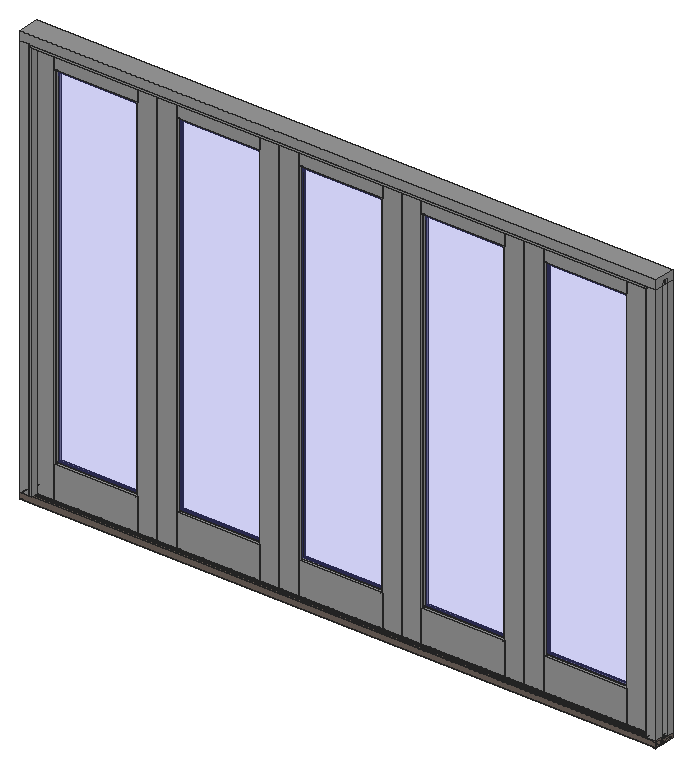
Revit family "VSFA 3180 G1 RH", category Doors, host Wall, Revit 2015
Parameters (values of type "VSFA 3180 G1 RH")
  Function = Interior
  Frame Projection Ext. = 25 mm
  Frame Projection Int. = 25 mm
  Frame Width = 75 mm
  Height = 2100 mm
  Wall Closure = By host
  Width = 3180 mm
Reference planes
  plane 1: y = 0
  plane 2 "Center (Left/Right)": x = 0
  plane 3 "Left": x = -1590
  plane 4 "Right": x = 1590
  plane 5: z = 2100
  plane 6 "Exterior": y = 75
  plane 7 "Interior": y = -75
  plane 8: x = -1545
  plane 9: x = 1515
  plane 10: x = 1513
  plane 11: x = 903
  plane 12: x = 901
  plane 13: x = 291
  plane 14: x = 289
  plane 15: x = -321
  plane 16: x = -323
  plane 17: x = -933
  plane 18: x = -935
Forms (mm)
  Extrusion 1, solid, material "Aluminium Cill (Bronze)"
    sketch origin (0, 79.18, -119.746) x (0, 1, 0) y (0, 0, -1)
      loop
        arc (-26.68, -120.746) -> (-26.972, -120.039) -> (-27.68, -119.746) r 1
        line (-27.68, -119.746) -> (-130.68, -119.746)
        arc (-130.68, -119.746) -> (-131.387, -120.039) -> (-131.68, -120.746) r 1
        line (-131.68, -120.746) -> (-131.68, -150.746)
        arc (-131.68, -150.746) -> (-131.387, -151.453) -> (-130.68, -151.746) r 1
        line (-130.68, -151.746) -> (-120.912, -151.746)
        arc (-120.912, -151.746) -> (-119.18, -150.746) -> (-117.447, -151.746) r 2
        line (-117.447, -151.746) -> (-112.912, -151.746)
        arc (-112.912, -151.746) -> (-111.18, -150.746) -> (-109.447, -151.746) r 2
        line (-109.447, -151.746) -> (-99.68, -151.746)
        arc (-99.68, -151.746) -> (-98.972, -151.453) -> (-98.68, -150.746) r 1
        line (-98.68, -150.746) -> (-98.68, -149.246)
        arc (-98.68, -149.246) -> (-99.18, -148.746) -> (-99.68, -149.246) r 0.5
        line (-99.68, -149.246) -> (-99.68, -150.246) -> (-100.88, -150.246) -> (-100.88, -142.734) -> (-99.68, -142.734) -> (-99.68, -143.746)
        arc (-99.68, -143.746) -> (-99.18, -144.246) -> (-98.68, -143.746) r 0.5
        line (-98.68, -143.746) -> (-98.68, -138.746) -> (-90.432, -138.746) -> (-82.18, -138.746) -> (-82.18, -135.246)
        arc (-82.18, -135.246) -> (-81.74, -134.185) -> (-80.68, -133.746) r 1.5
        line (-80.68, -133.746) -> (-75.93, -133.746) -> (-75.93, -135.746) -> (-77.363, -135.746)
        arc (-77.363, -135.746) -> (-74.68, -138.746) -> (-71.996, -135.746) r 2.7
        line (-71.996, -135.746) -> (-73.43, -135.746) -> (-73.43, -133.746) -> (-68.68, -133.746)
        arc (-68.68, -133.746) -> (-67.619, -134.185) -> (-67.18, -135.246) r 1.5
        line (-67.18, -135.246) -> (-67.18, -138.746) -> (-60.412, -138.746)
        arc (-60.412, -138.746) -> (-58.68, -137.746) -> (-56.947, -138.746) r 2
        line (-56.947, -138.746) -> (-52.412, -138.746)
        arc (-52.412, -138.746) -> (-50.68, -137.746) -> (-48.947, -138.746) r 2
        line (-48.947, -138.746) -> (-44.412, -138.746)
        arc (-44.412, -138.746) -> (-42.68, -137.746) -> (-40.947, -138.746) r 2
        line (-40.947, -138.746) -> (-29.68, -138.746)
        arc (-29.68, -138.746) -> (-27.558, -137.867) -> (-26.68, -135.746) r 3
        line (-26.68, -135.746) -> (-26.68, -120.746)
      loop
        arc (-29.68, -137.246) -> (-28.619, -136.807) -> (-28.18, -135.746) r 1.5
        line (-28.18, -135.746) -> (-28.18, -121.246) -> (-73.93, -121.246) -> (-73.93, -132.246) -> (-68.68, -132.246)
        arc (-68.68, -132.246) -> (-66.558, -133.125) -> (-65.68, -135.246) r 3
        line (-65.68, -135.246) -> (-65.68, -137.246) -> (-61.129, -137.246)
        arc (-61.129, -137.246) -> (-58.68, -136.246) -> (-56.23, -137.246) r 3.5
        line (-56.23, -137.246) -> (-53.129, -137.246)
        arc (-53.129, -137.246) -> (-50.68, -136.246) -> (-48.23, -137.246) r 3.5
        line (-48.23, -137.246) -> (-45.129, -137.246)
        arc (-45.129, -137.246) -> (-42.68, -136.246) -> (-40.23, -137.246) r 3.5
        line (-40.23, -137.246) -> (-29.68, -137.246)
      loop
        line (-75.43, -132.246) -> (-75.43, -121.246) -> (-98.68, -121.246) -> (-98.68, -137.246) -> (-83.68, -137.246) -> (-83.68, -135.246)
        arc (-83.68, -135.246) -> (-82.801, -133.125) -> (-80.68, -132.246) r 3
        line (-80.68, -132.246) -> (-75.43, -132.246)
      loop
        line (-100.18, -121.246) -> (-130.18, -121.246) -> (-130.18, -150.246) -> (-121.629, -150.246)
        arc (-121.629, -150.246) -> (-119.18, -149.246) -> (-116.73, -150.246) r 3.5
        line (-116.73, -150.246) -> (-113.629, -150.246)
        arc (-113.629, -150.246) -> (-111.18, -149.246) -> (-108.73, -150.246) r 3.5
        line (-108.73, -150.246) -> (-102.38, -150.246) -> (-102.38, -141.246) -> (-100.18, -141.246) -> (-100.18, -121.246)
    from -1590 to 1590
  Extrusion 2, solid, material "Lauan, Meranti"
    sketch origin (-122.148, 0, 0) x (0, 1, 0) y (0, 0, 1)
      loop
        line (52.5, 2100) -> (-52.5, 2100) -> (-52.5, 2055) -> (-6.5, 2055) -> (-6.5, 2075) -> (15.5, 2075) -> (15.5, 2055) -> (52.5, 2055) -> (52.5, 2100)
    from -1467.852 to 1712.148
  Extrusion 3, solid, material "Lauan, Meranti"
    sketch origin (2.986, 0, 0) x (0, 1, 0) y (0, 0, 1)
      loop
        line (-52.5, 2052) -> (-52.5, 2042) -> (-20.5, 2042) -> (-20.5, 2045.5) -> (-27.5, 2045.5) -> (-27.5, 2048.5) -> (-20.5, 2048.5) -> (-20.5, 2055) -> (-49.5, 2055) -> (-49.5, 2052) -> (-52.5, 2052)
    from -1547.986 to 1542.014
  Extrusion 4, solid, material "Lauan, Meranti"
    sketch origin (615, 0, 0) x (1, 0, 0) y (0, 1, 0)
      loop
        line (975, -52.5) -> (975, -16.5) -> (930, -16.5) -> (930, -52.5) -> (975, -52.5)
      loop
        line (975, 52.5) -> (930, 52.5) -> (930, 25.5) -> (975, 25.5) -> (975, 52.5)
      loop
        line (900, 24.5) -> (900, -15.5) -> (945, -15.5) -> (945, -5.5) -> (920, -5.5) -> (920, 14.5) -> (945, 14.5) -> (945, 24.5) -> (900, 24.5)
    from 32 to 2055
  Extrusion 5, solid, material "Lauan, Meranti"
    sketch origin (-615, 0, 0) x (1, 0, 0) y (0, 1, 0)
      loop
        line (-975, 52.5) -> (-975, -52.5) -> (-930, -52.5) -> (-930, 24.5) -> (-942, 24.5) -> (-942, 52.5) -> (-975, 52.5)
    from 32 to 2055
  Extrusion 6, solid, material "Lauan, Meranti"
    sketch origin (-615, 0, 0) x (1, 0, 0) y (0, 1, 0)
      loop
        line (-927, -52.5) -> (-917, -52.5) -> (-917, -20.5) -> (-920.5, -20.5) -> (-920.5, -27.5) -> (-923.5, -27.5) -> (-923.5, -20.5) -> (-930, -20.5) -> (-930, -49.5) -> (-927, -49.5) -> (-927, -52.5)
    from 32 to 2042
  Extrusion 7, solid, material "Steel, Chrome Plated"
    sketch origin (129.456, -1.5, 0) x (0, 1, 0) y (0, 0, -1)
      loop
        line (16.5, -2075) -> (16.5, -2055) -> (14.3, -2055) -> (14.3, -2072.8) -> (-2.3, -2072.8) -> (-2.3, -2055) -> (-4.5, -2055) -> (-4.5, -2075) -> (16.5, -2075)
    from -1460.544 to 1719.456
  Extrusion 8, solid, material "Lauan, Meranti"
    sketch origin (-615, 0, 0) x (1, 0, 0) y (0, 1, 0)
      loop
        line (-975, 52.5) -> (-975, -19.5) -> (-930, -19.5) -> (-930, 24.5) -> (-942, 24.5) -> (-942, 52.5) -> (-975, 52.5)
    from 19 to 32
  Extrusion 9, solid, material "Lauan, Meranti"
    sketch origin (615, 0, 0) x (1, 0, 0) y (0, 1, 0)
      loop
        line (930, 52.5) -> (930, 25.5) -> (975, 25.5) -> (975, 52.5) -> (930, 52.5)
      loop
        line (945, 24.5) -> (900, 24.5) -> (900, -15.5) -> (945, -15.5) -> (945, -5.5) -> (920, -5.5) -> (920, 14.5) -> (945, 14.5) -> (945, 24.5)
    from 19 to 32
  Extrusion 10, solid, material "Lauan, Meranti"
    sketch origin (1833, 0, 0) x (1, 0, 0) y (0, 1, 0)
      loop
        line (-930, -15.5) -> (-834, -15.5) -> (-834, -13.5)
        arc (-834, -13.5) -> (-829.265, -11.94) -> (-827, -7.5) r 6.549
        line (-827, -7.5) -> (-825, -7.5) -> (-825, -5.5) -> (-834, -5.5) -> (-834, 24.5) -> (-930, 24.5) -> (-930, -15.5)
      loop
        line (-320, -15.5) -> (-320, 24.5) -> (-416, 24.5) -> (-416, -5.5) -> (-425, -5.5) -> (-425, -7.5) -> (-423, -7.5)
        arc (-423, -7.5) -> (-420.735, -11.94) -> (-416, -13.5) r 6.549
        line (-416, -13.5) -> (-416, -15.5) -> (-320, -15.5)
    from 19 to 2055
  Extrusion 11, solid, material "Lauan, Meranti"
    sketch origin (1168.235, 0, 0) x (0, 1, 0) y (0, 0, 1)
      loop
        line (-15.5, 190) -> (-15.5, 19) -> (24.5, 19) -> (24.5, 190) -> (-5.5, 190) -> (-5.5, 199) -> (-7.5, 199) -> (-7.5, 197)
        arc (-7.5, 197) -> (-11.866, 194.67) -> (-13.5, 190) r 6.807
        line (-13.5, 190) -> (-15.5, 190)
      loop
        line (-7.5, 1952) -> (-7.5, 1950) -> (-5.5, 1950) -> (-5.5, 1959) -> (24.5, 1959) -> (24.5, 2055) -> (-15.5, 2055) -> (-15.5, 1959) -> (-13.5, 1959)
        arc (-13.5, 1959) -> (-11.866, 1954.33) -> (-7.5, 1952) r 6.807
    from -169.235 to 248.765
  Sweep 12, solid, material "Lauan, Meranti"
    path origin (875.876, -75, -1252.272) x (1, 0, 0) y (0, 0, 1)
      loop
        line (123.124, 3211.272) -> (123.124, 1442.272) -> (541.124, 1442.272) -> (541.124, 3211.272) -> (123.124, 3211.272)
    profile origin (1208, -75, 1959) x (0, 0, 1) y (0, -1, 0)
      loop
        line (-9, -78) -> (-9, -80) -> (-7, -80)
        arc (-7, -80) -> (-4.67, -84.366) -> (0, -86) r 6.807
        line (0, -86) -> (0, -78) -> (-9, -78)
  Extrusion 13, solid, material "Glass"
    sketch origin (1144.808, -110.55, -763.769) x (1, 0, 0) y (0, 0, 1)
      loop
        line (-145.808, 2722.769) -> (-145.808, 953.769) -> (272.192, 953.769) -> (272.192, 2722.769) -> (-145.808, 2722.769)
    from -112.5 to -106.1
  Extrusion 14, solid, material "Lauan, Meranti"
    sketch origin (1221, 0, 0) x (1, 0, 0) y (0, 1, 0)
      loop
        line (-930, -15.5) -> (-834, -15.5) -> (-834, -13.5)
        arc (-834, -13.5) -> (-829.265, -11.94) -> (-827, -7.5) r 6.549
        line (-827, -7.5) -> (-825, -7.5) -> (-825, -5.5) -> (-834, -5.5) -> (-834, 24.5) -> (-930, 24.5) -> (-930, -15.5)
      loop
        line (-320, -15.5) -> (-320, 24.5) -> (-416, 24.5) -> (-416, -5.5) -> (-425, -5.5) -> (-425, -7.5) -> (-423, -7.5)
        arc (-423, -7.5) -> (-420.735, -11.94) -> (-416, -13.5) r 6.549
        line (-416, -13.5) -> (-416, -15.5) -> (-320, -15.5)
    from 19 to 2055
  Extrusion 15, solid, material "Lauan, Meranti"
    sketch origin (556.235, 0, 0) x (0, 1, 0) y (0, 0, 1)
      loop
        line (-15.5, 190) -> (-15.5, 19) -> (24.5, 19) -> (24.5, 190) -> (-5.5, 190) -> (-5.5, 199) -> (-7.5, 199) -> (-7.5, 197)
        arc (-7.5, 197) -> (-11.866, 194.67) -> (-13.5, 190) r 6.807
        line (-13.5, 190) -> (-15.5, 190)
      loop
        line (-7.5, 1952) -> (-7.5, 1950) -> (-5.5, 1950) -> (-5.5, 1959) -> (24.5, 1959) -> (24.5, 2055) -> (-15.5, 2055) -> (-15.5, 1959) -> (-13.5, 1959)
        arc (-13.5, 1959) -> (-11.866, 1954.33) -> (-7.5, 1952) r 6.807
    from -169.235 to 248.765
  Sweep 16, solid, material "Lauan, Meranti"
    path origin (263.876, -75, -1252.272) x (1, 0, 0) y (0, 0, 1)
      loop
        line (123.124, 3211.272) -> (123.124, 1442.272) -> (541.124, 1442.272) -> (541.124, 3211.272) -> (123.124, 3211.272)
    profile origin (596, -75, 1959) x (0, 0, 1) y (0, -1, 0)
      loop
        line (-9, -78) -> (-9, -80) -> (-7, -80)
        arc (-7, -80) -> (-4.67, -84.366) -> (0, -86) r 6.807
        line (0, -86) -> (0, -78) -> (-9, -78)
  Extrusion 17, solid, material "Glass"
    sketch origin (532.808, -110.55, -763.769) x (1, 0, 0) y (0, 0, 1)
      loop
        line (-145.808, 2722.769) -> (-145.808, 953.769) -> (272.192, 953.769) -> (272.192, 2722.769) -> (-145.808, 2722.769)
    from -112.5 to -106.1
  Extrusion 18, solid, material "Lauan, Meranti"
    sketch origin (609, 0, 0) x (1, 0, 0) y (0, 1, 0)
      loop
        line (-930, -15.5) -> (-834, -15.5) -> (-834, -13.5)
        arc (-834, -13.5) -> (-829.265, -11.94) -> (-827, -7.5) r 6.549
        line (-827, -7.5) -> (-825, -7.5) -> (-825, -5.5) -> (-834, -5.5) -> (-834, 24.5) -> (-930, 24.5) -> (-930, -15.5)
      loop
        line (-320, -15.5) -> (-320, 24.5) -> (-416, 24.5) -> (-416, -5.5) -> (-425, -5.5) -> (-425, -7.5) -> (-423, -7.5)
        arc (-423, -7.5) -> (-420.735, -11.94) -> (-416, -13.5) r 6.549
        line (-416, -13.5) -> (-416, -15.5) -> (-320, -15.5)
    from 19 to 2055
  Extrusion 19, solid, material "Lauan, Meranti"
    sketch origin (-55.765, 0, 0) x (0, 1, 0) y (0, 0, 1)
      loop
        line (-15.5, 190) -> (-15.5, 19) -> (24.5, 19) -> (24.5, 190) -> (-5.5, 190) -> (-5.5, 199) -> (-7.5, 199) -> (-7.5, 197)
        arc (-7.5, 197) -> (-11.866, 194.67) -> (-13.5, 190) r 6.807
        line (-13.5, 190) -> (-15.5, 190)
      loop
        line (-7.5, 1952) -> (-7.5, 1950) -> (-5.5, 1950) -> (-5.5, 1959) -> (24.5, 1959) -> (24.5, 2055) -> (-15.5, 2055) -> (-15.5, 1959) -> (-13.5, 1959)
        arc (-13.5, 1959) -> (-11.866, 1954.33) -> (-7.5, 1952) r 6.807
    from -169.235 to 248.765
  Sweep 20, solid, material "Lauan, Meranti"
    path origin (-348.124, -75, -1252.272) x (1, 0, 0) y (0, 0, 1)
      loop
        line (123.124, 3211.272) -> (123.124, 1442.272) -> (541.124, 1442.272) -> (541.124, 3211.272) -> (123.124, 3211.272)
    profile origin (-16, -75, 1959) x (0, 0, 1) y (0, -1, 0)
      loop
        line (-9, -78) -> (-9, -80) -> (-7, -80)
        arc (-7, -80) -> (-4.67, -84.366) -> (0, -86) r 6.807
        line (0, -86) -> (0, -78) -> (-9, -78)
  Extrusion 21, solid, material "Glass"
    sketch origin (-79.192, -110.55, -763.769) x (1, 0, 0) y (0, 0, 1)
      loop
        line (-145.808, 2722.769) -> (-145.808, 953.769) -> (272.192, 953.769) -> (272.192, 2722.769) -> (-145.808, 2722.769)
    from -112.5 to -106.1
  Extrusion 22, solid, material "Lauan, Meranti"
    sketch origin (-3, 0, 0) x (1, 0, 0) y (0, 1, 0)
      loop
        line (-930, -15.5) -> (-834, -15.5) -> (-834, -13.5)
        arc (-834, -13.5) -> (-829.265, -11.94) -> (-827, -7.5) r 6.549
        line (-827, -7.5) -> (-825, -7.5) -> (-825, -5.5) -> (-834, -5.5) -> (-834, 24.5) -> (-930, 24.5) -> (-930, -15.5)
      loop
        line (-320, -15.5) -> (-320, 24.5) -> (-416, 24.5) -> (-416, -5.5) -> (-425, -5.5) -> (-425, -7.5) -> (-423, -7.5)
        arc (-423, -7.5) -> (-420.735, -11.94) -> (-416, -13.5) r 6.549
        line (-416, -13.5) -> (-416, -15.5) -> (-320, -15.5)
    from 19 to 2055
  Extrusion 23, solid, material "Lauan, Meranti"
    sketch origin (-667.765, 0, 0) x (0, 1, 0) y (0, 0, 1)
      loop
        line (-15.5, 190) -> (-15.5, 19) -> (24.5, 19) -> (24.5, 190) -> (-5.5, 190) -> (-5.5, 199) -> (-7.5, 199) -> (-7.5, 197)
        arc (-7.5, 197) -> (-11.866, 194.67) -> (-13.5, 190) r 6.807
        line (-13.5, 190) -> (-15.5, 190)
      loop
        line (-7.5, 1952) -> (-7.5, 1950) -> (-5.5, 1950) -> (-5.5, 1959) -> (24.5, 1959) -> (24.5, 2055) -> (-15.5, 2055) -> (-15.5, 1959) -> (-13.5, 1959)
        arc (-13.5, 1959) -> (-11.866, 1954.33) -> (-7.5, 1952) r 6.807
    from -169.235 to 248.765
  Sweep 24, solid, material "Lauan, Meranti"
    path origin (-960.124, -75, -1252.272) x (1, 0, 0) y (0, 0, 1)
      loop
        line (123.124, 3211.272) -> (123.124, 1442.272) -> (541.124, 1442.272) -> (541.124, 3211.272) -> (123.124, 3211.272)
    profile origin (-628, -75, 1959) x (0, 0, 1) y (0, -1, 0)
      loop
        line (-9, -78) -> (-9, -80) -> (-7, -80)
        arc (-7, -80) -> (-4.67, -84.366) -> (0, -86) r 6.807
        line (0, -86) -> (0, -78) -> (-9, -78)
  Extrusion 25, solid, material "Glass"
    sketch origin (-691.192, -110.55, -763.769) x (1, 0, 0) y (0, 0, 1)
      loop
        line (-145.808, 2722.769) -> (-145.808, 953.769) -> (272.192, 953.769) -> (272.192, 2722.769) -> (-145.808, 2722.769)
    from -112.5 to -106.1
  Extrusion 26, solid, material "Lauan, Meranti"
    sketch origin (-615, 0, 0) x (1, 0, 0) y (0, 1, 0)
      loop
        line (-930, -15.5) -> (-834, -15.5) -> (-834, -13.5)
        arc (-834, -13.5) -> (-829.265, -11.94) -> (-827, -7.5) r 6.549
        line (-827, -7.5) -> (-825, -7.5) -> (-825, -5.5) -> (-834, -5.5) -> (-834, 24.5) -> (-930, 24.5) -> (-930, -15.5)
      loop
        line (-320, -15.5) -> (-320, 24.5) -> (-416, 24.5) -> (-416, -5.5) -> (-425, -5.5) -> (-425, -7.5) -> (-423, -7.5)
        arc (-423, -7.5) -> (-420.735, -11.94) -> (-416, -13.5) r 6.549
        line (-416, -13.5) -> (-416, -15.5) -> (-320, -15.5)
    from 19 to 2055
  Extrusion 27, solid, material "Lauan, Meranti"
    sketch origin (-1279.765, 0, 0) x (0, 1, 0) y (0, 0, 1)
      loop
        line (-15.5, 190) -> (-15.5, 19) -> (24.5, 19) -> (24.5, 190) -> (-5.5, 190) -> (-5.5, 199) -> (-7.5, 199) -> (-7.5, 197)
        arc (-7.5, 197) -> (-11.866, 194.67) -> (-13.5, 190) r 6.807
        line (-13.5, 190) -> (-15.5, 190)
      loop
        line (-7.5, 1952) -> (-7.5, 1950) -> (-5.5, 1950) -> (-5.5, 1959) -> (24.5, 1959) -> (24.5, 2055) -> (-15.5, 2055) -> (-15.5, 1959) -> (-13.5, 1959)
        arc (-13.5, 1959) -> (-11.866, 1954.33) -> (-7.5, 1952) r 6.807
    from -169.235 to 248.765
  Sweep 28, solid, material "Lauan, Meranti"
    path origin (-1572.124, -75, -1252.272) x (1, 0, 0) y (0, 0, 1)
      loop
        line (123.124, 3211.272) -> (123.124, 1442.272) -> (541.124, 1442.272) -> (541.124, 3211.272) -> (123.124, 3211.272)
    profile origin (-1240, -75, 1959) x (0, 0, 1) y (0, -1, 0)
      loop
        line (-9, -78) -> (-9, -80) -> (-7, -80)
        arc (-7, -80) -> (-4.67, -84.366) -> (0, -86) r 6.807
        line (0, -86) -> (0, -78) -> (-9, -78)
  Extrusion 29, solid, material "Glass"
    sketch origin (-1303.192, -110.55, -763.769) x (1, 0, 0) y (0, 0, 1)
      loop
        line (-145.808, 2722.769) -> (-145.808, 953.769) -> (272.192, 953.769) -> (272.192, 2722.769) -> (-145.808, 2722.769)
    from -112.5 to -106.1
Cuts and joins
  joined: Extrusion 4, Extrusion 9
  joined: Extrusion 5, Extrusion 8
Lines and regions (mm)
  Opening 1
    outline origin (-5000, 75, 0) x (-1, 0, 0) y (0, 0, 1)
      loop
        line (-6590, 0) -> (-3410, 0) -> (-3410, 2100) -> (-6590, 2100) -> (-6590, 0)
  model lines
    curve 1: line (1515, 24.5, 0) -> (1210, 552.775, 0)
    curve 2: line (1210, 552.775, 0) -> (1175.359, 532.775, 0)
    curve 3: line (1175.359, 532.775, 0) -> (1480.359, 4.5, 0)
    curve 4: line (835.718, 24.5, 0) -> (1140.718, 552.775, 0)
    curve 5: line (1140.718, 552.775, 0) -> (1175.359, 532.775, 0)
    curve 6: line (1175.359, 532.775, 0) -> (870.359, 4.5, 0)
    curve 7: line (835.718, 24.5, 0) -> (568.312, 572.764, 0)
    curve 8: line (568.312, 572.764, 0) -> (532.36, 555.23, 0)
    curve 9: line (532.36, 555.23, 0) -> (799.766, 6.965, 0)
    curve 10: line (229.002, 24.5, 0) -> (-75.998, 552.775, 0)
    curve 11: line (-75.998, 552.775, 0) -> (-110.639, 532.775, 0)
    curve 12: line (-110.639, 532.775, 0) -> (194.361, 4.5, 0)
    curve 13: line (229.002, 24.5, 0) -> (496.408, 572.764, 0)
    curve 14: line (496.408, 572.764, 0) -> (532.36, 555.23, 0)
    curve 15: line (532.36, 555.23, 0) -> (264.953, 6.965, 0)
    curve 16: line (1063.802, 99.5, 1050) -> (1238.802, 99.5, 1050)
    curve 17: line (1377.879, 99.5, 1050) -> (1238.802, 99.5, 1106.191)
    curve 18: line (1238.802, 99.5, 1106.191) -> (1238.802, 99.5, 993.809)
    curve 19: line (1377.879, 99.5, 1050) -> (1238.802, 99.5, 993.809)
    curve 20: line (451.802, 99.5, 1050) -> (626.802, 99.5, 1050)
    curve 21: line (765.879, 99.5, 1050) -> (626.802, 99.5, 1106.191)
    curve 22: line (626.802, 99.5, 1106.191) -> (626.802, 99.5, 993.809)
    curve 23: line (765.879, 99.5, 1050) -> (626.802, 99.5, 993.809)
    curve 24: line (-160.198, 99.5, 1050) -> (14.802, 99.5, 1050)
    curve 25: line (153.879, 99.5, 1050) -> (14.802, 99.5, 1106.191)
    curve 26: line (14.802, 99.5, 1106.191) -> (14.802, 99.5, 993.809)
    curve 27: line (153.879, 99.5, 1050) -> (14.802, 99.5, 993.809)
    curve 28: line (-772.198, 99.5, 1050) -> (-597.198, 99.5, 1050)
    curve 29: line (-458.121, 99.5, 1050) -> (-597.198, 99.5, 1106.191)
    curve 30: line (-597.198, 99.5, 1106.191) -> (-597.198, 99.5, 993.809)
    curve 31: line (-458.121, 99.5, 1050) -> (-597.198, 99.5, 993.809)
    curve 32: line (-1384.198, 99.5, 1050) -> (-1209.198, 99.5, 1050)
    curve 33: line (-1070.121, 99.5, 1050) -> (-1209.198, 99.5, 1106.191)
    curve 34: line (-1209.198, 99.5, 1106.191) -> (-1209.198, 99.5, 993.809)
    curve 35: line (-1070.121, 99.5, 1050) -> (-1209.198, 99.5, 993.809)
Text (mm)
  text "Exterior" at (-2295.016, 1099.543, 0), in view "Ref. Level"
  text "Exterior" at (0, 1615.38, 3698.081), in view "Left"
  text "Exterior" at (0, 1036.032, 3874.932), in view "Right"
Dimensions and locks
  equal spacing: plane 3 "Left", plane 2 "Center (Left/Right)", plane 4 "Right"
  "Width": plane 3 "Left" to plane 4 "Right"
  "Height": plane 5 to host wall
  host wall to plane 5 = 2100 mm  (x2)
  locked: plane 6 "Exterior" to host wall at 0
  locked: plane 7 "Interior" to host wall
  plane 3 "Left" to plane 4 "Right" = 3180 mm
  aligned and locked: plane 1 to host wall
  aligned and locked: Opening 1 sketch curve to level
  aligned and locked: Extrusion 11 to Extrusion 10  (x2)
  aligned and locked: Extrusion 13 to Extrusion 11  (x2)
  aligned and locked: Extrusion 13 to Extrusion 10  (x2)
  aligned and locked: Sweep 12 sketch curve to Extrusion 11  (x2)
  aligned and locked: Extrusion 10 to Sweep 12 sketch curve  (x2)
  aligned and locked: Extrusion 15 to Extrusion 14  (x2)
  aligned and locked: Extrusion 17 to Extrusion 15  (x2)
  aligned and locked: Extrusion 17 to Extrusion 14  (x2)
  aligned and locked: Sweep 16 sketch curve to Extrusion 15  (x2)
  aligned and locked: Extrusion 14 to Sweep 16 sketch curve  (x2)
  aligned and locked: Extrusion 19 to Extrusion 18  (x2)
  aligned and locked: Extrusion 21 to Extrusion 19  (x2)
  aligned and locked: Extrusion 21 to Extrusion 18  (x2)
  aligned and locked: Sweep 20 sketch curve to Extrusion 19  (x2)
  aligned and locked: Extrusion 18 to Sweep 20 sketch curve  (x2)
  aligned and locked: Extrusion 23 to Extrusion 22  (x2)
  aligned and locked: Extrusion 25 to Extrusion 23  (x2)
  aligned and locked: Extrusion 25 to Extrusion 22  (x2)
  aligned and locked: Sweep 24 sketch curve to Extrusion 23  (x2)
  aligned and locked: Extrusion 22 to Sweep 24 sketch curve  (x2)
  aligned and locked: Extrusion 27 to Extrusion 26  (x2)
  aligned and locked: Extrusion 29 to Extrusion 27  (x2)
  aligned and locked: Extrusion 29 to Extrusion 26  (x2)
  aligned and locked: Sweep 28 sketch curve to Extrusion 27  (x2)
  aligned and locked: Extrusion 26 to Sweep 28 sketch curve  (x2)
Automatic sketch dimensions
  plane 18 to curve 34 = 274.198 mm
  plane 18 to curve 33 = 135.121 mm
  plane 16 to curve 31 = 274.198 mm
  plane 16 to curve 31 = 135.121 mm
  plane 2 "Center (Left/Right)" to curve 26 = 14.802 mm
  plane 14 to curve 25 = 135.121 mm
  plane 12 to curve 23 = 274.198 mm
  plane 12 to curve 21 = 135.121 mm
  plane 10 to curve 18 = 274.198 mm
  plane 10 to curve 17 = 135.121 mm
  level to curve 30 = 993.809 mm
  level to curve 18 = 993.809 mm
  curve 34 to curve 30 = 0 mm
  curve 22 to curve 18 = 0 mm
  curve 27 to curve 30 = 0 mm
  curve 34 to curve 33 = 56.191 mm
  curve 18 to curve 17 = 56.191 mm
  curve 30 to curve 31 = 56.191 mm
  curve 22 to curve 21 = 56.191 mm
  curve 26 to curve 25 = 56.191 mm
  curve 26 to curve 25 = 112.382 mm
  curve 22 to curve 22 = 112.382 mm
  curve 30 to curve 29 = 112.382 mm
  curve 18 to curve 18 = 112.382 mm
  curve 34 to curve 33 = 112.382 mm
  curve 32 to plane 8 = 160.802 mm
  curve 28 to plane 17 = 160.802 mm
  curve 24 to plane 2 "Center (Left/Right)" = 160.198 mm
  curve 20 to plane 13 = 160.802 mm
  curve 16 to plane 11 = 160.802 mm
  curve 34 to curve 32 = 56.191 mm
  curve 16 to curve 17 = 56.191 mm
  curve 20 to curve 21 = 56.191 mm
  curve 28 to curve 29 = 56.191 mm
  curve 24 to curve 25 = 56.191 mm
  plane 4 "Right" to Opening 1 sketch curve = 0 mm
  plane 3 "Left" to Opening 1 sketch curve = 0 mm
  Opening 1 sketch curve to plane 5 = 0 mm
  Extrusion 1 sketch curve to level = 0 mm
  level to Extrusion 1 sketch curve = 1 mm
  Extrusion 1 sketch curve to host wall = 22.5 mm
  Extrusion 1 sketch curve to Extrusion 1 sketch curve = 1 mm  (x7)
  Extrusion 1 sketch curve to Extrusion 1 sketch curve = 0.5 mm  (x8)
  Extrusion 1 sketch curve to Extrusion 1 sketch curve = 8.551 mm
  Extrusion 1 sketch curve to Extrusion 1 sketch curve = 0.717 mm  (x10)
  Extrusion 1 sketch curve to Extrusion 1 sketch curve = 1.732 mm  (x10)
  Extrusion 1 sketch curve to Extrusion 1 sketch curve = 0 mm  (x24)
  Extrusion 1 sketch curve to Extrusion 1 sketch curve = 3.101 mm  (x3)
  Extrusion 1 sketch curve to Extrusion 1 sketch curve = 6.351 mm
  Extrusion 1 sketch curve to Extrusion 1 sketch curve = 1.5 mm  (x15)
  Extrusion 1 sketch curve to Extrusion 1 sketch curve = 0.7 mm
  level to Extrusion 1 sketch curve = 1.5 mm  (x3)
  Extrusion 1 sketch curve to Extrusion 1 sketch curve = 1.2 mm  (x2)
  Extrusion 1 sketch curve to Extrusion 1 sketch curve = 8.248 mm
  host wall to Extrusion 1 sketch curve = 4.5 mm
  host wall to Extrusion 1 sketch curve = 1.5 mm  (x2)
  Extrusion 1 sketch curve to host wall = 1.817 mm
  Extrusion 1 sketch curve to Extrusion 1 sketch curve = 1.433 mm  (x3)
  Extrusion 1 sketch curve to host wall = 3.75 mm
  Extrusion 1 sketch curve to Extrusion 1 sketch curve = 1.25 mm  (x2)
  Extrusion 1 sketch curve to Extrusion 1 sketch curve = 3.317 mm
  Extrusion 1 sketch curve to Extrusion 1 sketch curve = 4.551 mm
  Extrusion 1 sketch curve to Extrusion 1 sketch curve = 10.551 mm
  Extrusion 1 sketch curve to Extrusion 1 sketch curve = 11 mm
  Extrusion 1 sketch curve to Extrusion 1 sketch curve = 14.5 mm
  Extrusion 1 sketch curve to Extrusion 1 sketch curve = 2 mm  (x5)
  Extrusion 1 sketch curve to Extrusion 1 sketch curve = 0.3 mm
  Extrusion 1 sketch curve to Extrusion 1 sketch curve = 2.5 mm
  Extrusion 1 sketch curve to Extrusion 1 sketch curve = 1.488 mm
  Extrusion 1 sketch curve to Extrusion 1 sketch curve = 1.012 mm
  Extrusion 1 sketch curve to Extrusion 1 sketch curve = 5.5 mm
  Extrusion 1 sketch curve to Extrusion 1 sketch curve = 9 mm
  curve 1 to plane 9 = 0 mm
  plane 10 to curve 2 = 303 mm
  curve 2 to curve 1 = 34.641 mm
  curve 4 to curve 2 = 34.641 mm
  curve 7 to host wall = 24.5 mm
  plane 12 to curve 7 = 65.282 mm
  curve 8 to plane 13 = 277.312 mm
  curve 14 to curve 7 = 35.952 mm
  curve 13 to curve 8 = 35.952 mm
  curve 10 to host wall = 24.5 mm
  plane 14 to curve 10 = 59.998 mm
  curve 10 to plane 2 "Center (Left/Right)" = 75.998 mm
  curve 11 to curve 10 = 34.641 mm
  host wall to curve 2 = 457.775 mm
  host wall to curve 12 = 457.775 mm
  curve 2 to curve 2 = 20 mm
  host wall to curve 14 = 480.23 mm
  curve 3 to host wall = 4.5 mm
  curve 6 to host wall = 4.5 mm
  curve 9 to host wall = 6.965 mm
  curve 15 to host wall = 6.965 mm
  curve 12 to host wall = 4.5 mm
  plane 5 to Extrusion 2 sketch curve = 0 mm
  Extrusion 2 sketch curve to host wall = 22.5 mm  (x2)
  host wall to Extrusion 2 sketch curve = 6.5 mm
  Extrusion 2 sketch curve to host wall = 15.5 mm
  plane 5 to Extrusion 2 sketch curve = 25 mm
  Extrusion 2 sketch curve to Extrusion 2 sketch curve = 20 mm  (x2)
  Extrusion 3 sketch curve to host wall = 22.5 mm
  Extrusion 3 sketch curve to Extrusion 3 sketch curve = 3 mm  (x2)
  Extrusion 3 sketch curve to Extrusion 3 sketch curve = 22 mm
  Extrusion 3 sketch curve to Extrusion 3 sketch curve = 7 mm
  Extrusion 3 sketch curve to Extrusion 3 sketch curve = 0 mm
  plane 5 to Extrusion 3 sketch curve = 58 mm
  Extrusion 3 sketch curve to Extrusion 3 sketch curve = 3.5 mm
  Extrusion 3 sketch curve to Extrusion 3 sketch curve = 10 mm
  Extrusion 3 sketch curve to Extrusion 3 sketch curve = 6.5 mm
  Extrusion 4 sketch curve to plane 9 = 0 mm
  Extrusion 4 sketch curve to plane 4 "Right" = 0 mm  (x2)
  Extrusion 4 sketch curve to plane 9 = 20 mm
  Extrusion 4 sketch curve to plane 9 = 30 mm  (x2)
  Extrusion 4 sketch curve to Extrusion 4 sketch curve = 15 mm  (x2)
  Extrusion 4 sketch curve to host wall = 22.5 mm  (x2)
  host wall to Extrusion 4 sketch curve = 16.5 mm
  Extrusion 4 sketch curve to Extrusion 4 sketch curve = 1 mm
  host wall to Extrusion 4 sketch curve = 5.5 mm
  Extrusion 4 sketch curve to host wall = 14.5 mm
  Extrusion 4 sketch curve to Extrusion 4 sketch curve = 10 mm
  Extrusion 4 sketch curve to Extrusion 4 sketch curve = 11 mm
  Extrusion 5 sketch curve to plane 3 "Left" = 0 mm
  Extrusion 5 sketch curve to plane 8 = 0 mm
  Extrusion 5 sketch curve to Extrusion 5 sketch curve = 12 mm
  Extrusion 5 sketch curve to host wall = 22.5 mm  (x2)
  Extrusion 5 sketch curve to host wall = 24.5 mm
  Extrusion 6 sketch curve to plane 8 = 0 mm
  Extrusion 6 sketch curve to plane 8 = 3 mm
  Extrusion 6 sketch curve to Extrusion 6 sketch curve = 6.5 mm
  Extrusion 6 sketch curve to Extrusion 6 sketch curve = 3 mm  (x2)
  Extrusion 6 sketch curve to Extrusion 6 sketch curve = 10 mm
  Extrusion 6 sketch curve to host wall = 22.5 mm
  Extrusion 6 sketch curve to Extrusion 6 sketch curve = 22 mm
  Extrusion 6 sketch curve to Extrusion 6 sketch curve = 7 mm
  Extrusion 6 sketch curve to Extrusion 6 sketch curve = 0 mm
  host wall to Extrusion 7 sketch curve = 6 mm
  Extrusion 7 sketch curve to Extrusion 7 sketch curve = 2.2 mm  (x3)
  Extrusion 7 sketch curve to host wall = 12.8 mm
  plane 5 to Extrusion 7 sketch curve = 25 mm
  Extrusion 7 sketch curve to Extrusion 7 sketch curve = 17.8 mm  (x2)
  Extrusion 8 sketch curve to plane 3 "Left" = 0 mm
  Extrusion 8 sketch curve to plane 8 = 0 mm
  plane 8 to Extrusion 8 sketch curve = 12 mm
  host wall to Extrusion 8 sketch curve = 19.5 mm
  Extrusion 8 sketch curve to host wall = 24.5 mm
  Extrusion 8 sketch curve to host wall = 22.5 mm
  Extrusion 9 sketch curve to plane 9 = 0 mm
  Extrusion 9 sketch curve to plane 4 "Right" = 0 mm
  host wall to Extrusion 9 sketch curve = 5.5 mm
  Extrusion 9 sketch curve to plane 9 = 20 mm
  Extrusion 9 sketch curve to plane 9 = 30 mm
  Extrusion 9 sketch curve to Extrusion 9 sketch curve = 15 mm
  Extrusion 9 sketch curve to Extrusion 9 sketch curve = 25 mm
  Extrusion 9 sketch curve to Extrusion 9 sketch curve = 10 mm  (x2)
  Extrusion 9 sketch curve to host wall = 14.5 mm
  Extrusion 9 sketch curve to host wall = 25.5 mm
  Extrusion 9 sketch curve to host wall = 22.5 mm
  Extrusion 10 sketch curve to plane 11 = 0 mm
  Extrusion 10 sketch curve to plane 10 = 0 mm
  host wall to Extrusion 10 sketch curve = 13.5 mm
  Extrusion 10 sketch curve to plane 11 = 96 mm
  Extrusion 10 sketch curve to Extrusion 10 sketch curve = 0 mm
  Extrusion 10 sketch curve to Extrusion 10 sketch curve = 0.473 mm  (x3)
  Extrusion 10 sketch curve to Extrusion 10 sketch curve = 6.527 mm  (x2)
  Extrusion 10 sketch curve to Extrusion 10 sketch curve = 2 mm  (x4)
  host wall to Extrusion 10 sketch curve = 5.5 mm
  plane 10 to Extrusion 10 sketch curve = 105 mm
  host wall to Extrusion 10 sketch curve = 15.5 mm  (x2)
  host wall to Extrusion 10 sketch curve = 7.5 mm
  Extrusion 10 sketch curve to Extrusion 10 sketch curve = 1.468 mm
  Extrusion 10 sketch curve to host wall = 24.5 mm  (x2)
  host wall to Extrusion 11 sketch curve = 15.5 mm  (x2)
  Extrusion 11 sketch curve to Extrusion 11 sketch curve = 2 mm  (x6)
  host wall to Extrusion 11 sketch curve = 7.5 mm  (x2)
  host wall to Extrusion 11 sketch curve = 6.697 mm  (x2)
  Extrusion 11 sketch curve to host wall = 24.5 mm  (x2)
  level to Extrusion 11 sketch curve = 19 mm
  Extrusion 11 sketch curve to Extrusion 11 sketch curve = 171 mm
  Extrusion 11 sketch curve to Extrusion 11 sketch curve = 0 mm
  Extrusion 11 sketch curve to Extrusion 11 sketch curve = 0.241 mm  (x2)
  plane 5 to Extrusion 11 sketch curve = 150 mm
  Extrusion 11 sketch curve to Extrusion 11 sketch curve = 6.759 mm
  plane 5 to Extrusion 11 sketch curve = 45 mm
  profile plane to Sweep 12 sketch curve = 0 mm
  profile plane to Sweep 12 sketch curve = 0.241 mm
  Sweep 12 sketch curve to Sweep 12 sketch curve = 6.759 mm
  Sweep 12 sketch curve to Sweep 12 sketch curve = 2 mm  (x2)
  Sweep 12 sketch curve to profile plane = 86 mm
  Sweep 12 sketch curve to Sweep 12 sketch curve = 6 mm
  Extrusion 13 sketch curve to plane 11 = 96 mm
  plane 10 to Extrusion 13 sketch curve = 96 mm
  level to Extrusion 13 sketch curve = 190 mm
  plane 5 to Extrusion 13 sketch curve = 141 mm
  Extrusion 14 sketch curve to plane 13 = 0 mm
  Extrusion 14 sketch curve to plane 12 = 0 mm
  host wall to Extrusion 14 sketch curve = 13.5 mm
  Extrusion 14 sketch curve to plane 13 = 96 mm
  Extrusion 14 sketch curve to Extrusion 14 sketch curve = 0 mm
  Extrusion 14 sketch curve to Extrusion 14 sketch curve = 0.473 mm  (x3)
  Extrusion 14 sketch curve to Extrusion 14 sketch curve = 6.527 mm  (x2)
  Extrusion 14 sketch curve to Extrusion 14 sketch curve = 2 mm  (x4)
  host wall to Extrusion 14 sketch curve = 5.5 mm
  plane 12 to Extrusion 14 sketch curve = 105 mm
  host wall to Extrusion 14 sketch curve = 15.5 mm  (x2)
  host wall to Extrusion 14 sketch curve = 7.5 mm
  Extrusion 14 sketch curve to Extrusion 14 sketch curve = 1.468 mm
  Extrusion 14 sketch curve to host wall = 24.5 mm  (x2)
  host wall to Extrusion 15 sketch curve = 15.5 mm  (x2)
  Extrusion 15 sketch curve to Extrusion 15 sketch curve = 2 mm  (x6)
  host wall to Extrusion 15 sketch curve = 7.5 mm  (x2)
  host wall to Extrusion 15 sketch curve = 6.697 mm  (x2)
  Extrusion 15 sketch curve to host wall = 24.5 mm  (x2)
  level to Extrusion 15 sketch curve = 19 mm
  Extrusion 15 sketch curve to Extrusion 15 sketch curve = 171 mm
  Extrusion 15 sketch curve to Extrusion 15 sketch curve = 0 mm
  Extrusion 15 sketch curve to Extrusion 15 sketch curve = 0.241 mm  (x2)
  plane 5 to Extrusion 15 sketch curve = 150 mm
  Extrusion 15 sketch curve to Extrusion 15 sketch curve = 6.759 mm
  plane 5 to Extrusion 15 sketch curve = 45 mm
  profile plane to Sweep 16 sketch curve = 0 mm
  profile plane to Sweep 16 sketch curve = 0.241 mm
  Sweep 16 sketch curve to Sweep 16 sketch curve = 6.759 mm
  Sweep 16 sketch curve to Sweep 16 sketch curve = 2 mm  (x2)
  Sweep 16 sketch curve to profile plane = 86 mm
  Sweep 16 sketch curve to Sweep 16 sketch curve = 6 mm
  Extrusion 17 sketch curve to plane 13 = 96 mm
  plane 12 to Extrusion 17 sketch curve = 96 mm
  level to Extrusion 17 sketch curve = 190 mm
  plane 5 to Extrusion 17 sketch curve = 141 mm
  Extrusion 18 sketch curve to plane 15 = 0 mm
  Extrusion 18 sketch curve to plane 14 = 0 mm
  host wall to Extrusion 18 sketch curve = 13.5 mm
  Extrusion 18 sketch curve to plane 15 = 96 mm
  Extrusion 18 sketch curve to Extrusion 18 sketch curve = 0 mm
  Extrusion 18 sketch curve to Extrusion 18 sketch curve = 0.473 mm  (x3)
  Extrusion 18 sketch curve to Extrusion 18 sketch curve = 6.527 mm  (x2)
  Extrusion 18 sketch curve to Extrusion 18 sketch curve = 2 mm  (x4)
  host wall to Extrusion 18 sketch curve = 5.5 mm
  plane 14 to Extrusion 18 sketch curve = 105 mm
  host wall to Extrusion 18 sketch curve = 15.5 mm  (x2)
  host wall to Extrusion 18 sketch curve = 7.5 mm
  Extrusion 18 sketch curve to Extrusion 18 sketch curve = 1.468 mm
  Extrusion 18 sketch curve to host wall = 24.5 mm  (x2)
  host wall to Extrusion 19 sketch curve = 15.5 mm  (x2)
  Extrusion 19 sketch curve to Extrusion 19 sketch curve = 2 mm  (x6)
  host wall to Extrusion 19 sketch curve = 7.5 mm  (x2)
  host wall to Extrusion 19 sketch curve = 6.697 mm  (x2)
  Extrusion 19 sketch curve to host wall = 24.5 mm  (x2)
  level to Extrusion 19 sketch curve = 19 mm
  Extrusion 19 sketch curve to Extrusion 19 sketch curve = 171 mm
  Extrusion 19 sketch curve to Extrusion 19 sketch curve = 0 mm
  Extrusion 19 sketch curve to Extrusion 19 sketch curve = 0.241 mm  (x2)
  plane 5 to Extrusion 19 sketch curve = 150 mm
  Extrusion 19 sketch curve to Extrusion 19 sketch curve = 6.759 mm
  plane 5 to Extrusion 19 sketch curve = 45 mm
  profile plane to Sweep 20 sketch curve = 0 mm
  profile plane to Sweep 20 sketch curve = 0.241 mm
  Sweep 20 sketch curve to Sweep 20 sketch curve = 6.759 mm
  Sweep 20 sketch curve to Sweep 20 sketch curve = 2 mm  (x2)
  Sweep 20 sketch curve to profile plane = 86 mm
  Sweep 20 sketch curve to Sweep 20 sketch curve = 6 mm
  Extrusion 21 sketch curve to plane 15 = 96 mm
  plane 14 to Extrusion 21 sketch curve = 96 mm
  level to Extrusion 21 sketch curve = 190 mm
  plane 5 to Extrusion 21 sketch curve = 141 mm
  Extrusion 22 sketch curve to plane 17 = 0 mm
  Extrusion 22 sketch curve to plane 16 = 0 mm
  host wall to Extrusion 22 sketch curve = 13.5 mm
  Extrusion 22 sketch curve to plane 17 = 96 mm
  Extrusion 22 sketch curve to Extrusion 22 sketch curve = 0 mm
  Extrusion 22 sketch curve to Extrusion 22 sketch curve = 0.473 mm  (x3)
  Extrusion 22 sketch curve to Extrusion 22 sketch curve = 6.527 mm  (x2)
  Extrusion 22 sketch curve to Extrusion 22 sketch curve = 2 mm  (x4)
  host wall to Extrusion 22 sketch curve = 5.5 mm
  plane 16 to Extrusion 22 sketch curve = 105 mm
  host wall to Extrusion 22 sketch curve = 15.5 mm  (x2)
  host wall to Extrusion 22 sketch curve = 7.5 mm
  Extrusion 22 sketch curve to Extrusion 22 sketch curve = 1.468 mm
  Extrusion 22 sketch curve to host wall = 24.5 mm  (x2)
  host wall to Extrusion 23 sketch curve = 15.5 mm  (x2)
  Extrusion 23 sketch curve to Extrusion 23 sketch curve = 2 mm  (x6)
  host wall to Extrusion 23 sketch curve = 7.5 mm  (x2)
  host wall to Extrusion 23 sketch curve = 6.697 mm  (x2)
  Extrusion 23 sketch curve to host wall = 24.5 mm  (x2)
  level to Extrusion 23 sketch curve = 19 mm
  Extrusion 23 sketch curve to Extrusion 23 sketch curve = 171 mm
  Extrusion 23 sketch curve to Extrusion 23 sketch curve = 0 mm
  Extrusion 23 sketch curve to Extrusion 23 sketch curve = 0.241 mm  (x2)
  plane 5 to Extrusion 23 sketch curve = 150 mm
  Extrusion 23 sketch curve to Extrusion 23 sketch curve = 6.759 mm
  plane 5 to Extrusion 23 sketch curve = 45 mm
  profile plane to Sweep 24 sketch curve = 0 mm
  profile plane to Sweep 24 sketch curve = 0.241 mm
  Sweep 24 sketch curve to Sweep 24 sketch curve = 6.759 mm
  Sweep 24 sketch curve to Sweep 24 sketch curve = 2 mm  (x2)
  Sweep 24 sketch curve to profile plane = 86 mm
  Sweep 24 sketch curve to Sweep 24 sketch curve = 6 mm
  Extrusion 25 sketch curve to plane 17 = 96 mm
  plane 16 to Extrusion 25 sketch curve = 96 mm
  level to Extrusion 25 sketch curve = 190 mm
  plane 5 to Extrusion 25 sketch curve = 141 mm
  Extrusion 26 sketch curve to plane 8 = 0 mm
  Extrusion 26 sketch curve to plane 18 = 0 mm
  host wall to Extrusion 26 sketch curve = 13.5 mm
  Extrusion 26 sketch curve to plane 8 = 96 mm
  Extrusion 26 sketch curve to Extrusion 26 sketch curve = 0 mm
  Extrusion 26 sketch curve to Extrusion 26 sketch curve = 0.473 mm  (x3)
  Extrusion 26 sketch curve to Extrusion 26 sketch curve = 6.527 mm  (x2)
  Extrusion 26 sketch curve to Extrusion 26 sketch curve = 2 mm  (x4)
  host wall to Extrusion 26 sketch curve = 5.5 mm
  plane 18 to Extrusion 26 sketch curve = 105 mm
  host wall to Extrusion 26 sketch curve = 15.5 mm  (x2)
  host wall to Extrusion 26 sketch curve = 7.5 mm
  Extrusion 26 sketch curve to Extrusion 26 sketch curve = 1.468 mm
  Extrusion 26 sketch curve to host wall = 24.5 mm  (x2)
  host wall to Extrusion 27 sketch curve = 15.5 mm  (x2)
  Extrusion 27 sketch curve to Extrusion 27 sketch curve = 2 mm  (x6)
  host wall to Extrusion 27 sketch curve = 7.5 mm  (x2)
  host wall to Extrusion 27 sketch curve = 6.697 mm  (x2)
  Extrusion 27 sketch curve to host wall = 24.5 mm  (x2)
  level to Extrusion 27 sketch curve = 19 mm
  Extrusion 27 sketch curve to Extrusion 27 sketch curve = 171 mm
  Extrusion 27 sketch curve to Extrusion 27 sketch curve = 0 mm
  Extrusion 27 sketch curve to Extrusion 27 sketch curve = 0.241 mm  (x2)
  plane 5 to Extrusion 27 sketch curve = 150 mm
  Extrusion 27 sketch curve to Extrusion 27 sketch curve = 6.759 mm
  plane 5 to Extrusion 27 sketch curve = 45 mm
  profile plane to Sweep 28 sketch curve = 0 mm
  profile plane to Sweep 28 sketch curve = 0.241 mm
  Sweep 28 sketch curve to Sweep 28 sketch curve = 6.759 mm
  Sweep 28 sketch curve to Sweep 28 sketch curve = 2 mm  (x2)
  Sweep 28 sketch curve to profile plane = 86 mm
  Sweep 28 sketch curve to Sweep 28 sketch curve = 6 mm
  Extrusion 29 sketch curve to plane 8 = 96 mm
  plane 18 to Extrusion 29 sketch curve = 96 mm
  level to Extrusion 29 sketch curve = 190 mm
  plane 5 to Extrusion 29 sketch curve = 141 mm
